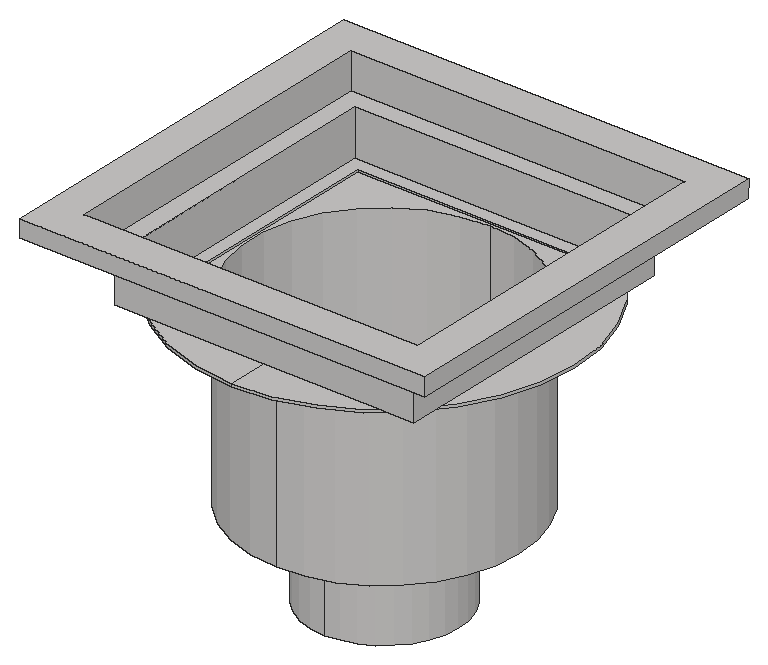
Revit family "QF_ELECTROLUXPROFESSIONAL_328051_FDA3030", category Attrezzature speciali, Revit 2020
Family settings
  Quota connettore circolare = Usa diametro
  Tipo di parte = Normale
  Basato su piano di lavoro = No
  Sempre verticale = Sì
  Taglio con vuoti quando caricato = No
  Condiviso = No
  Punto di calcolo locali = No
Parameters (values of type "Standard")
  Weight = 26.4555 lbm
  Watts = 0 W
  Volts = 0 V
  URL Manufacturer = "https://www.electroluxprofessional.com/"
  URL = "https://www.electroluxprofessional.com/"
  Steam Supply Size = 0"
  Steam Supply Minimum Pressure = 0.00 psi
  Steam Supply Maximum Pressure = 0.00 psi
  Steam Consumption per Hour = 0
  Refrigeration Suction Line Size = 0 mm
  Refrigeration Liquid Line Size = 0 mm
  Refrigerant Compressor Remote = yes
  Prospetto di default = 0 mm
  Phase = 0
  Modello = "FDA3030"
  Produttore = "Electrolux Professional"
  Length Actual = 300 mm  # constant formula
  Item Number = "328051"
  Hot Water Size = 0"
  Height Actual = 265 mm  # constant formula
  HP = "0 HP"
  Gas Size = 0"
  Gas KW = 0
  Gas Input Pressure = 0.0 Btu/h
  Direct Waste Size = 3.93701"
  Descrizione = "FLOOR DRAIN+GRATE-VERTIC.OUTLET 300X300"
  Depth Actual = 300 mm  # constant formula
  Cycle = 0 Hz
  Condensate Return Size = 0"
  Compressed Air Volume = 0 GPM
  Compressed Air Size = 0"
  Compressed Air Pressure = 0.00 psi
  Cold Water Size = 0"
  Assembly Code = ""
  Accessory = yes
Reference planes
  plane 1: z = 0
  plane 2 "Center (Front/Back)": y = -102.225
  plane 3 "Center (Left/Right)": x = 9.791
  plane 4 "TOP": z = -265
  plane 5 "Back": y = 47.775
  plane 6 "Front": y = -252.225
  plane 7: x = -140.209
  plane 8: x = 159.791
Forms (mm)
  Revolve 1, solid, material "QF_Metal-Stainless-Polished"
    sketch origin (9.791, 0, 0) x (0, 1, 0) y (0, 0, 1)
      loop
        line (38.775, -62) -> (38.775, -60) -> (-4.225, -60) -> (-4.225, -198) -> (-49.225, -198) -> (-49.225, -265) -> (-47.225, -265) -> (-47.225, -200) -> (-2.225, -200) -> (-2.225, -62) -> (38.775, -62)
      axis (-102.225, -265) -> (-102.225, -60)
    angle from 0 to 360
  Sweep 2, solid, material "QF_Finishes_Stainless Steel"
    path origin (0, 0, 0) x (1, 0, 0) y (0, 1, 0)
      loop
        line (-140.209, 47.775) -> (-140.209, -252.225) -> (159.791, -252.225) -> (159.791, 47.775) -> (-140.209, 47.775)
    profile origin (9.791, 47.775, 0) x (0, 1, 0) y (0, 0, 1)
      loop
        line (0, -11.945) -> (0, 1) -> (-26, 1) -> (-26, -25) -> (-40, -25) -> (-40, -59) -> (-50, -59) -> (-50, -60) -> (-39, -60) -> (-39, -26) -> (-25, -26) -> (-25, 0.055) -> (-1, 0.055) -> (-1, -11.945) -> (0, -11.945)
Lines and regions (mm)
  symbolic lines
    curve 1: line (-140.209, 47.775, 0) -> (159.791, 47.775, 0)
    curve 2: line (-140.209, -252.225, 0) -> (-140.209, 47.775, 0)
    curve 3: line (159.791, -252.225, 0) -> (-140.209, -252.225, 0)
    curve 4: line (159.791, 47.775, 0) -> (159.791, -252.225, 0)
    curve 5: circle (9.791, -102.225, 0) r 115 normal (0, 0, 1)
    curve 18: circle (9.791, -102.225, 0) r 115 normal (0, 0, -1)
    curve 31: line (-114.209, 21.775, 0) -> (133.791, 21.775, 0)
    curve 32: line (-114.209, -226.225, 0) -> (-114.209, 21.775, 0)
    curve 33: line (133.791, -226.225, 0) -> (-114.209, -226.225, 0)
    curve 34: line (133.791, 21.775, 0) -> (133.791, -226.225, 0)
    curve 35: circle (9.791, -102.225, 0) r 53 normal (0, 0, 1)
  model lines
    curve 6: line (-100.209, 21.775, 0) -> (-100.209, -226.225, 0)
    curve 7: line (-80.209, 21.775, 0) -> (-80.209, -226.225, 0)
    curve 8: line (-60.209, 21.775, 0) -> (-60.209, -226.225, 0)
    curve 9: line (-40.209, 21.775, 0) -> (-40.209, -226.225, 0)
    curve 10: line (-20.209, 21.775, 0) -> (-20.209, -226.225, 0)
    curve 11: line (-0.209, 21.775, 0) -> (-0.209, -226.225, 0)
    curve 12: line (19.791, 21.775, 0) -> (19.791, -226.225, 0)
    curve 13: line (39.791, 21.775, 0) -> (39.791, -226.225, 0)
    curve 14: line (59.791, 21.775, 0) -> (59.791, -226.225, 0)
    curve 15: line (79.791, 21.775, 0) -> (79.791, -226.225, 0)
    curve 16: line (99.791, 21.775, 0) -> (99.791, -226.225, 0)
    curve 17: line (119.791, 21.775, 0) -> (119.791, -226.225, 0)
    curve 19: line (-114.209, 7.775, 0) -> (133.791, 7.775, 0)
    curve 20: line (-114.209, -12.225, 0) -> (133.791, -12.225, 0)
    curve 21: line (-114.209, -32.225, 0) -> (133.791, -32.225, 0)
    curve 22: line (-114.209, -52.225, 0) -> (133.791, -52.225, 0)
    curve 23: line (-114.209, -72.225, 0) -> (133.791, -72.225, 0)
    curve 24: line (-114.209, -92.225, 0) -> (133.791, -92.225, 0)
    curve 25: line (-114.209, -112.225, 0) -> (133.791, -112.225, 0)
    curve 26: line (-114.209, -132.225, 0) -> (133.791, -132.225, 0)
    curve 27: line (-114.209, -152.225, 0) -> (133.791, -152.225, 0)
    curve 28: line (-114.209, -172.225, 0) -> (133.791, -172.225, 0)
    curve 29: line (-114.209, -192.225, 0) -> (133.791, -192.225, 0)
    curve 30: line (-114.209, -212.225, 0) -> (133.791, -212.225, 0)
Dimensions and locks
  equal spacing: plane 5 "Back", plane 2 "Center (Front/Back)", plane 6 "Front"
  plane 5 "Back" to plane 6 "Front" = 300 mm
  equal spacing: plane 8, plane 3 "Center (Left/Right)", plane 7
  plane 8 to plane 7 = 300 mm
  level to plane 4 "TOP" = 265 mm
  aligned and locked: level to plane 1
Automatic sketch dimensions
  Revolve 1 sketch curve to plane 2 "Center (Front/Back)" = 0 mm
  plane 5 "Back" to Revolve 1 sketch curve = 52 mm
  plane 4 "TOP" to Revolve 1 sketch curve = 65 mm
  Revolve 1 sketch curve to level = 62 mm
  Revolve 1 sketch curve to Revolve 1 sketch curve = 2 mm  (x4)
  Revolve 1 sketch curve to Revolve 1 sketch curve = 41 mm
  Revolve 1 sketch curve to plane 4 "TOP" = 344.6 mm
  level to Revolve 1 sketch curve = 2466.13 mm
  plane 6 "Front" to Sweep 2 sketch curve = 0 mm
  Sweep 2 sketch curve to plane 7 = 0 mm
  Sweep 2 sketch curve to plane 8 = 0 mm
  plane 5 "Back" to Sweep 2 sketch curve = 0 mm
  level to Sweep 2 sketch curve = 1 mm
  Sweep 2 sketch curve to profile plane = 0 mm
  profile plane to Sweep 2 sketch curve = 1 mm
  profile plane to Sweep 2 sketch curve = 25 mm
  Sweep 2 sketch curve to Sweep 2 sketch curve = 1 mm  (x4)
  Sweep 2 sketch curve to Sweep 2 sketch curve = 14 mm
  level to Sweep 2 sketch curve = 0.055 mm
  Sweep 2 sketch curve to Sweep 2 sketch curve = 12 mm
  Sweep 2 sketch curve to level = 25 mm
  Sweep 2 sketch curve to Sweep 2 sketch curve = 33 mm
  Sweep 2 sketch curve to Sweep 2 sketch curve = 10 mm
  Revolve 1 sketch curve to plane 4 "TOP" = 0 mm
  Revolve 1 sketch curve to Revolve 1 sketch curve = 43 mm
  plane 6 "Front" to curve 3 = 0 mm
  curve 3 to plane 7 = 0 mm
  plane 5 "Back" to curve 1 = 0 mm
  curve 1 to plane 8 = 0 mm
  curve 33 to plane 6 "Front" = 26 mm
  plane 5 "Back" to curve 31 = 26 mm
  plane 2 "Center (Front/Back)" to curve 24 = 10 mm
  plane 7 to curve 26 = 26 mm
  curve 32 to curve 6 = 14 mm
  curve 6 to curve 7 = 20 mm
  curve 7 to curve 8 = 20 mm
  curve 8 to curve 9 = 20 mm
  curve 9 to curve 10 = 20 mm
  curve 11 to plane 3 "Center (Left/Right)" = 10 mm
  plane 3 "Center (Left/Right)" to curve 12 = 10 mm
  curve 12 to curve 13 = 20 mm
  curve 13 to curve 14 = 20 mm
  curve 14 to curve 15 = 20 mm
  curve 15 to curve 16 = 20 mm
  curve 17 to curve 31 = 14 mm
  curve 24 to plane 8 = 26 mm
  curve 32 to curve 30 = 14 mm
  curve 30 to curve 29 = 20 mm
  curve 29 to curve 28 = 20 mm
  curve 28 to curve 27 = 20 mm
  curve 27 to curve 26 = 20 mm
  curve 25 to plane 2 "Center (Front/Back)" = 10 mm
  curve 24 to curve 23 = 20 mm
  curve 23 to curve 22 = 20 mm
  curve 22 to curve 21 = 20 mm
  curve 21 to curve 20 = 20 mm
  curve 19 to curve 31 = 14 mm
  curve 5 to curve 18 = 0 mm  (x2)
  curve 5 to curve 35 = 0 mm  (x2)
  curve 18 to curve 35 = 0 mm  (x2)
  curve 5 to plane 2 "Center (Front/Back)" = 0 mm
  curve 5 to plane 3 "Center (Left/Right)" = 0 mm
  radius of curve 5 = 115 mm
  radius of curve 18 = 115 mm
  radius of curve 35 = 53 mm
Connectors
  piping at (9.791, -102.225, -265), diameter 100, driven by "Direct Waste Size"
    settings: on Revolve 1, index 1, connector inside diameter 24", connector length 0 mm, flow factor 0, pipe flow 0 GPM, pressure drop 0.00 psi, fitting loss kfactor 0, connector angle 0.00°, fixture units 0, engagement length 0 mm, angle of deflection 0.00°, flow configuration 1, flow direction 2, fitting loss method 0, system type 16, joint type 0, gender type 0, connector reference index -1, connector utility 0, adjustable connector no, is connector primary yes, connector description "Drain"
